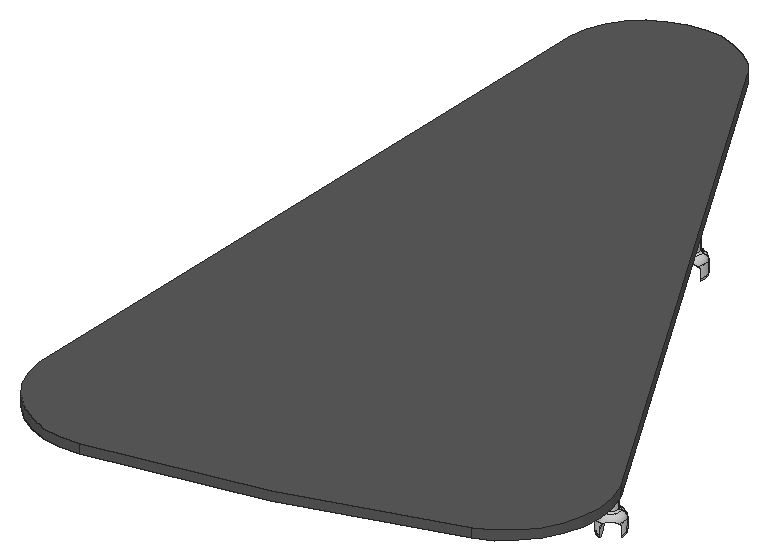
Revit family "Seating-LAMMHULTS-SUNNY-Connecting_Table-30", category Furniture, Revit 2018
Family settings
  OmniClass Number = 23.40.20.00
  OmniClass Title = General Furniture and Specialties
  Work Plane-Based = No
  Always vertical = Yes
  Cut with Voids When Loaded = No
  Shared = No
  Room Calculation Point = No
Parameters (values of type "Black")
  URL = "www.lammhults.se"
  Table Top Material = Wood - Imprint - Black
  Table Bottom Material = Wood - Veneer - Birch
  Model = "SUNNY"
  Manufacturer = "LAMMHULTS"  # constant formula
  Keynote = "46.B"
  Frame Material = Metal - Chrome - Polished
  Description = "*Please enter mtrl description here for use in mto*"
  Content Author = "AEC AB"  # constant formula
  Assembly Code = "E2020"
Types (2, lengths in mm): name | Table Top Material
  White | Laminate - Compact - White
  Black | Wood - Imprint - Black
Reference planes
  plane 1 "Center (Front/Back)": y = -113.3
  plane 2: z = 0
  plane 3 "Center (Left/Right)": x = 0
  plane 4 "Ref. Table Top": z = 260
  plane 5: y = -113.3
  plane 6: through (123.052, 66.39, 1200) normal (0.866, 0.5, 0)
  plane 7: through (128.437, -98.801, 1200) normal (-0.5, 0.866, 0)
Forms (mm)
  Extrusion 1, solid, material "Wood - Imprint - Black" <- "Table Top Material"
    sketch origin (221.846, -112.81, 0) x (1, 0, 0) y (0, 1, 0)
      loop
        arc (109.08, -286.078) -> (154.26, -241.505) -> (152.762, -178.057) r 80
        arc (152.762, -178.057) -> (19.54, 78.987) -> (-137.073, 322.486) r 3101.209
        arc (-137.073, 322.486) -> (-212.306, 349.508) -> (-263.816, 288.378) r 70
        arc (-263.816, 288.378) -> (-277.069, -0.835) -> (-263.293, -290.023) r 3101.209
        arc (-263.293, -290.023) -> (-232.745, -345.653) -> (-171.297, -361.531) r 80
        arc (-171.297, -361.531) -> (-29.072, -331.373) -> (109.08, -286.078) r 1348.399
    from 248 to 255.98
  Blend 2, solid, material "Wood - Imprint - Black" <- "Table Top Material"
    base sketch origin (221.846, -112.81, 0) x (1, 0, 0) y (0, 1, 0)
      loop
        arc (-174.385, -341.771) -> (-34.269, -312.06) -> (101.834, -267.437) r 1328.399
        arc (101.834, -267.437) -> (135.719, -234.007) -> (134.595, -186.421) r 60
        arc (134.595, -186.421) -> (2.232, 68.965) -> (-153.371, 310.894) r 3081.209
        arc (-153.371, 310.894) -> (-207.109, 330.195) -> (-243.902, 286.531) r 50
        arc (-243.902, 286.531) -> (-257.069, -0.816) -> (-243.382, -288.14) r 3081.209
        arc (-243.382, -288.14) -> (-220.471, -329.862) -> (-174.385, -341.771) r 60
    top sketch origin (221.846, -112.81, 0) x (1, 0, 0) y (0, 1, 0)
      loop
        arc (109.08, -286.078) -> (154.26, -241.505) -> (152.762, -178.057) r 80
        arc (152.762, -178.057) -> (19.54, 78.987) -> (-137.073, 322.486) r 3101.209
        arc (-137.073, 322.486) -> (-212.306, 349.508) -> (-263.816, 288.378) r 70
        arc (-263.816, 288.378) -> (-277.069, -0.835) -> (-263.293, -290.023) r 3101.209
        arc (-263.293, -290.023) -> (-232.745, -345.653) -> (-171.297, -361.531) r 80
        arc (-171.297, -361.531) -> (-29.072, -331.373) -> (109.08, -286.078) r 1348.399
    from 237 to 248
  Extrusion 3, solid, material "Metal - Chrome - Polished" <- "Frame Material"
    sketch origin (221.846, -112.81, 0) x (1, 0, 0) y (0, 1, 0)
      loop
        arc (-246.219, -195.687) -> (-255.039, -210.963) -> (-239.763, -219.783) r 12.473
        line (-239.763, -219.783) -> (98.215, -129.222)
        arc (98.215, -129.222) -> (107.035, -113.946) -> (91.758, -105.126) r 12.473
        line (91.758, -105.126) -> (-246.219, -195.687)
      loop
        arc (-246.536, 165.927) -> (-255.356, 150.65) -> (-240.08, 141.83) r 12.473
        line (-240.08, 141.83) -> (-82.325, 184.101)
        arc (-82.325, 184.101) -> (-73.506, 199.377) -> (-88.782, 208.197) r 12.473
        line (-88.782, 208.197) -> (-246.536, 165.927)
    from 232 to 237
  Revolve 4, solid, material "Metal - Chrome - Polished" <- "Frame Material"
    sketch origin (221.846, -320.757, 0) x (0, 0, -1) y (-1, 0, 0)
      loop
        line (-232, 242.846) -> (-232, 231.855) -> (-230.508, 231.855)
        arc (-230.508, 231.855) -> (-230.156, 232) -> (-230.01, 232.353) r 0.498
        line (-230.01, 232.353) -> (-230.01, 234.32)
        arc (-230.01, 234.32) -> (-229.121, 236.466) -> (-226.975, 237.355) r 3.035
        line (-226.975, 237.355) -> (-192.633, 237.355)
        arc (-192.633, 237.355) -> (-191.386, 236.959) -> (-190.595, 235.915) r 2.163
        arc (-190.595, 235.915) -> (-188.385, 232.998) -> (-184.896, 231.891) r 6.047
        line (-184.896, 231.891) -> (-175.187, 231.891)
        arc (-175.187, 231.891) -> (-172.934, 232.824) -> (-172, 235.078) r 3.187
        line (-172, 235.078) -> (-172, 242.846) -> (-232, 242.846)
      axis (-172, 242.846) -> (-232, 242.846)
    angle from 0 to 360
  Revolve 5, solid, material "Metal - Chrome - Polished" <- "Frame Material"
    sketch origin (221.846, 41.035, 0) x (0, 0, -1) y (-1, 0, 0)
      loop
        line (-232, 242.846) -> (-232, 231.855) -> (-230.508, 231.855)
        arc (-230.508, 231.855) -> (-230.156, 232) -> (-230.01, 232.353) r 0.498
        line (-230.01, 232.353) -> (-230.01, 234.32)
        arc (-230.01, 234.32) -> (-229.121, 236.466) -> (-226.975, 237.355) r 3.035
        line (-226.975, 237.355) -> (-192.633, 237.355)
        arc (-192.633, 237.355) -> (-191.386, 236.959) -> (-190.595, 235.915) r 2.163
        arc (-190.595, 235.915) -> (-188.385, 232.998) -> (-184.896, 231.891) r 6.047
        line (-184.896, 231.891) -> (-175.187, 231.891)
        arc (-175.187, 231.891) -> (-172.934, 232.824) -> (-172, 235.078) r 3.187
        line (-172, 235.078) -> (-172, 242.846) -> (-232, 242.846)
      axis (-172, 242.846) -> (-232, 242.846)
    angle from 0 to 360
  Revolve 6, solid, material "Metal - Chrome - Polished" <- "Frame Material"
    sketch origin (106.381, -350.641, 0) x (0, 0, -1) y (-0.866025, -0.5, 0)
      loop
        line (-232, -242.846) -> (-172, -242.846) -> (-172, -235.078)
        arc (-172, -235.078) -> (-172.934, -232.824) -> (-175.187, -231.891) r 3.187
        line (-175.187, -231.891) -> (-184.896, -231.891)
        arc (-184.896, -231.891) -> (-188.385, -232.998) -> (-190.595, -235.915) r 6.047
        arc (-190.595, -235.915) -> (-191.386, -236.959) -> (-192.633, -237.355) r 2.163
        line (-192.633, -237.355) -> (-226.975, -237.355)
        arc (-226.975, -237.355) -> (-229.121, -236.466) -> (-230.01, -234.32) r 3.035
        line (-230.01, -234.32) -> (-230.01, -232.353)
        arc (-230.01, -232.353) -> (-230.156, -232) -> (-230.508, -231.855) r 0.498
        line (-230.508, -231.855) -> (-232, -231.855) -> (-232, -242.846)
      axis (-172, -242.846) -> (-232, -242.846)
    angle from 0 to 360
  Revolve 7, solid, material "Metal - Chrome - Polished" <- "Frame Material"
    sketch origin (-73.726, -37.291, 0) x (0, 0, -1) y (-0.866025, -0.5, 0)
      loop
        line (-232, -242.846) -> (-172, -242.846) -> (-172, -235.078)
        arc (-172, -235.078) -> (-172.934, -232.824) -> (-175.187, -231.891) r 3.187
        line (-175.187, -231.891) -> (-184.896, -231.891)
        arc (-184.896, -231.891) -> (-188.385, -232.998) -> (-190.595, -235.915) r 6.047
        arc (-190.595, -235.915) -> (-191.386, -236.959) -> (-192.633, -237.355) r 2.163
        line (-192.633, -237.355) -> (-226.975, -237.355)
        arc (-226.975, -237.355) -> (-229.121, -236.466) -> (-230.01, -234.32) r 3.035
        line (-230.01, -234.32) -> (-230.01, -232.353)
        arc (-230.01, -232.353) -> (-230.156, -232) -> (-230.508, -231.855) r 0.498
        line (-230.508, -231.855) -> (-232, -231.855) -> (-232, -242.846)
      axis (-172, -242.846) -> (-232, -242.846)
    angle from 0 to 360
  Extrusion 8, void
    sketch origin (221.846, -226.11, 0) x (1, 0, 0) y (0, 0, 1)
      loop
        line (-249.851, 180.513) -> (-249.851, 163.22)
        arc (-249.851, 163.22) -> (-247.952, 158.633) -> (-243.365, 156.734) r 6.487
        line (-243.365, 156.734) -> (-241.633, 156.734)
        arc (-241.633, 156.734) -> (-236.848, 158.715) -> (-234.866, 163.5) r 6.766
        line (-234.866, 163.5) -> (-234.866, 180.234)
        arc (-234.866, 180.234) -> (-236.848, 185.018) -> (-241.633, 187) r 6.766
        line (-241.633, 187) -> (-243.365, 187)
        arc (-243.365, 187) -> (-247.952, 185.1) -> (-249.851, 180.513) r 6.487
    from -324.696 to 123.503
  Extrusion 9, void
    sketch origin (60.682, -268.904, 0) x (-0.864937, -0.50188, 0) y (0, 0, -1)
      loop
        arc (-249.851, -180.513) -> (-247.952, -185.1) -> (-243.365, -187) r 6.487
        line (-243.365, -187) -> (-241.633, -187)
        arc (-241.633, -187) -> (-236.848, -185.018) -> (-234.866, -180.234) r 6.766
        line (-234.866, -180.234) -> (-234.866, -163.5)
        arc (-234.866, -163.5) -> (-236.848, -158.715) -> (-241.633, -156.734) r 6.766
        line (-241.633, -156.734) -> (-243.365, -156.734)
        arc (-243.365, -156.734) -> (-247.952, -158.633) -> (-249.851, -163.22) r 6.487
        line (-249.851, -163.22) -> (-249.851, -180.513)
    from -324.696 to 123.503
Cuts and joins
  Extrusion 8, Extrusion 9 cuts Revolve 4
  Extrusion 8, Extrusion 9 cuts Revolve 5
  Extrusion 8, Extrusion 9 cuts Revolve 6
  Extrusion 8, Extrusion 9 cuts Revolve 7
Lines and regions (mm)
  Masking region 1
    outline origin (221.846, -112.81, 260) x (0, 1, 0) y (-1, 0, 0)
      loop
        arc (-178.057, -152.762) -> (78.987, -19.54) -> (322.486, 137.073) r 3101.209
        arc (322.486, 137.073) -> (349.508, 212.306) -> (288.378, 263.816) r 70
        arc (288.378, 263.816) -> (-0.835, 277.069) -> (-290.023, 263.293) r 3101.209
        arc (-290.023, 263.293) -> (-345.653, 232.745) -> (-361.531, 171.297) r 80
        arc (-361.531, 171.297) -> (-331.373, 29.072) -> (-286.078, -109.08) r 1348.399
        arc (-286.078, -109.08) -> (-241.505, -154.26) -> (-178.057, -152.762) r 80
Dimensions and locks
  plane 4 "Ref. Table Top" to plane 2 = 260 mm
  aligned and locked: level to plane 2
